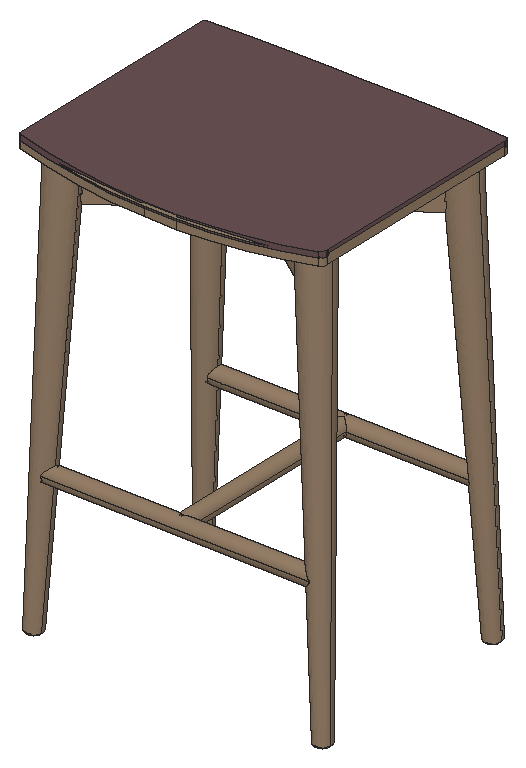
Revit family "Oak", category Мебель, Revit 2017
Family settings
  Номер OmniClass = 23.40.20.00
  Заголовок OmniClass = General Furniture and Specialties
  На основе рабочей плоскости = Нет
  Всегда вертикально = Да
  При загрузке вырезать с полостями = Нет
  Общий = Нет
  Точка расчета площади = Нет
Parameters (values of type "S-052")
  URL = "http://file-system.ru/catalog/zdaniya_i_sooruzheniya/interer/mebel/OAK_S_052_Skandiform/"
  Комментарии к типоразмеру = "Created by Astacus AB"
  Typ = Oak-pall : Oak-pall
  Stol = Skandiform Trä Ek
  Sits = yes
  Группа модели = "S-052"
  Изготовитель = "Skandiform AB"
  Ключевая пометка = "XBF.2"
  Dyna = Skandiform Tyg 1
  Описание = "Stol i ask eller ek med oklädd alt. klädd sits.\r\nPall i ask eller ek, oklädd sits.\r\nChair in ash or oak with wooden or upholstered seat.\r\nStool in ash or oak with wooden seat."
Types (5, lengths in mm): name | URL | Typ | Sits | Группа модели
  (no name) | "http://file-system.ru/catalog/zdaniya_i_sooruzheniya/interer/mebel/OAK_S_052_Skandiform/" | Oak-pall : Oak-pall | yes | "S-052"
  S-050 | "http://www.biminfo.se/?productid=333236" | Oak-stol : Oak-stol | no | "S-050"
  S-049 | "http://www.biminfo.se/?productid=333236" | Oak-stol : Oak-stol | yes | "S-049"
  S-051 | "http://www.biminfo.se/?productid=333236" | Oak-pall : Oak-pall | no | "S-051"
  S-052 | "http://file-system.ru/catalog/zdaniya_i_sooruzheniya/interer/mebel/OAK_S_052_Skandiform/" | Oak-pall : Oak-pall | yes | "S-052"
Reference planes
  plane 1 "Center (Front/Back)": y = 0
  plane 2: z = 0
  plane 3 "Center (Left/Right)": x = 0
Dimensions and locks
  aligned and locked: level to plane 2
Nested families
  nested 1: "Oak-pall" at (0, 0, 0), type <- "Typ", type "Oak-pall"
Definition of nested family "Oak-pall"
  Parameters
    URL = ""
    Type Comments = ""
    Stol = none
    Sits = yes
    Model = ""
    Manufacturer = ""
    Keynote = ""
    Dyna = none
    Description = ""
  Reference planes
    plane 1 "Center (Front/Back)": y = 0
    plane 2: z = 0
    plane 3 "Center (Left/Right)": x = 0
  Forms (mm)
    Extrusion 1, solid, material <- "Stol"
      sketch origin (0, 0, 172.5) x (1, 0, 0) y (0, 0, 1)
        loop
          arc (-208.714, 426.776) -> (0.646, 416) -> (210, 426.909) r 2026.644
          line (210, 426.909) -> (210, 438.85)
          arc (210, 438.85) -> (0.646, 428.396) -> (-208.714, 438.722) r 2114.327
          line (-208.714, 438.722) -> (-208.714, 426.776)
      from -181.049 to 178.455
    Extrusion 2, void
      sketch origin (0, 27.5, 172.5) x (1, 0, 0) y (0, 1, 0)
        loop
          arc (-205.778, 132.703) -> (-1.308, 151.177) -> (203.241, 133.598) r 1169.11
          arc (203.241, 133.598) -> (208.686, 129.993) -> (209.75, 123.549) r 8.17
          line (209.75, 123.549) -> (232.5, 123.549) -> (232.5, 183.119) -> (-234.611, 183.119) -> (-234.611, 123.549) -> (-209.75, 123.549)
          arc (-209.75, 123.549) -> (-209.324, 128.803) -> (-205.778, 132.703) r 8.17
      from 398.553 to 449.314
    Extrusion 3, solid, material <- "Stol"
      sketch origin (0, 0, 172.5) x (1, 0, 0) y (0, 1, 0)
        loop
          line (-166.743, -134.134) -> (0, -12.382) -> (165.848, -132.878) -> (177.318, -117.091) -> (16.156, 0) -> (177.68, 117.941) -> (163.537, 132.083) -> (0, 12.672) -> (-165.848, 133.168) -> (-177.762, 116.77) -> (-17.043, 0) -> (-178.566, -117.941) -> (-166.743, -134.134)
      from 360.911 to 425.5
    Revolve 4, solid, material <- "Stol"
      sketch origin (22.5, -146.7, -0.2) x (1, 0, 0) y (0, 0.034899, 0.999391)
        loop
          line (188, 4) -> (173.698, 598.824) -> (150.245, 598.824) -> (176.457, 0)
          arc (176.457, 0) -> (182.776, 0.42) -> (188, 4) r 11.994
        axis (150.245, 598.824) -> (176.457, 0)
      angle from 0 to 360
    Extrusion 5, void
      sketch origin (0, -27.5, 172.5) x (1, 0, 0) y (0, 1, 0)
        loop
          arc (-205.778, -132.703) -> (-209.324, -128.803) -> (-209.75, -123.549) r 8.17
          line (-209.75, -123.549) -> (-234.611, -123.549) -> (-234.611, -183.119) -> (232.5, -183.119) -> (232.5, -123.549) -> (209.75, -123.549)
          arc (209.75, -123.549) -> (208.686, -129.993) -> (203.241, -133.598) r 8.17
          arc (203.241, -133.598) -> (-1.308, -151.177) -> (-205.778, -132.703) r 1169.11
      from 398.553 to 485.279
    Revolve 6, solid, material <- "Stol"
      sketch origin (-22.5, -146.7, -0.2) x (-1, 0, 0) y (0, -0.034899, -0.999391)
        loop
          arc (188, -4) -> (182.776, -0.42) -> (176.457, 0) r 11.994
          line (176.457, 0) -> (150.245, -598.824) -> (173.698, -598.824) -> (188, -4)
        axis (150.245, -598.824) -> (176.457, 0)
      angle from 0 to 360
    Revolve 7, solid, material <- "Stol"
      sketch origin (22.5, 146.7, -0.2) x (1, 0, 0) y (0, 0.034899, -0.999391)
        loop
          arc (188, -4) -> (182.776, -0.42) -> (176.457, 0) r 11.994
          line (176.457, 0) -> (150.245, -598.824) -> (173.698, -598.824) -> (188, -4)
        axis (150.245, -598.824) -> (176.457, 0)
      angle from 0 to 360
    Revolve 8, solid, material <- "Stol"
      sketch origin (-22.5, 146.7, -0.2) x (-1, 0, 0) y (0, -0.034899, 0.999391)
        loop
          line (188, 4) -> (173.698, 598.824) -> (150.245, 598.824) -> (176.457, 0)
          arc (176.457, 0) -> (182.776, 0.42) -> (188, 4) r 11.994
        axis (150.245, 598.824) -> (176.457, 0)
      angle from 0 to 360
    Extrusion 9, solid, material <- "Stol"
      sketch origin (0, 0, 0) x (1, 0, 0) y (0, 0, 1)
        loop
          circle (0, 200) r 11.591
      from -142 to 142
    Extrusion 10, solid, material <- "Stol"
      sketch origin (0, 0, 0) x (0, 1, 0) y (0, 0, 1)
        loop
          circle (-142, 200) r 12
      from -186 to 186.021
    Extrusion 11, solid, material <- "Stol"
      sketch origin (0, -2.5, 0) x (0, -1, 0) y (0, 0, -1)
        loop
          circle (-142, -200) r 12
      from -186 to 186.021
    Extrusion 12, solid, material <- "Dyna", visible <- "Sits"
      sketch origin (-0.036, 0, 182.601) x (1, 0, 0) y (0, 0, 1)
        loop
          arc (-208.714, 426.776) -> (0.646, 416) -> (210, 426.909) r 2026.644
          line (210, 426.909) -> (210, 434.258)
          arc (210, 434.258) -> (0.642, 423.88) -> (-208.714, 434.283) r 2114.327
          line (-208.714, 434.283) -> (-208.714, 426.776)
      from -181.049 to 178.455
  Cuts and joins
    Extrusion 2, Extrusion 5 cuts Extrusion 1
    Extrusion 5 cuts Extrusion 3
    Extrusion 2, Extrusion 5 cuts Extrusion 12
  Lines and regions (mm)
    Masking region 1
      outline origin (-525, 0, 0) x (1, 0, 0) y (0, 1, 0)
        loop
          arc (315, -151) -> (317.922, -158.055) -> (324.977, -160.977) r 9.977
          arc (324.977, -160.977) -> (525, -174.404) -> (725.023, -160.977) r 1496.553
          arc (725.023, -160.977) -> (732.078, -158.055) -> (735, -151) r 9.977
          line (735, -151) -> (735, 151)
          arc (735, 151) -> (732.078, 158.055) -> (725.023, 160.977) r 9.977
          arc (725.023, 160.977) -> (525, 174.404) -> (324.977, 160.977) r 1496.553
          arc (324.977, 160.977) -> (317.922, 158.055) -> (315, 151) r 9.977
          line (315, 151) -> (315, -151)
  Dimensions and locks
    aligned and locked: level to plane 2
